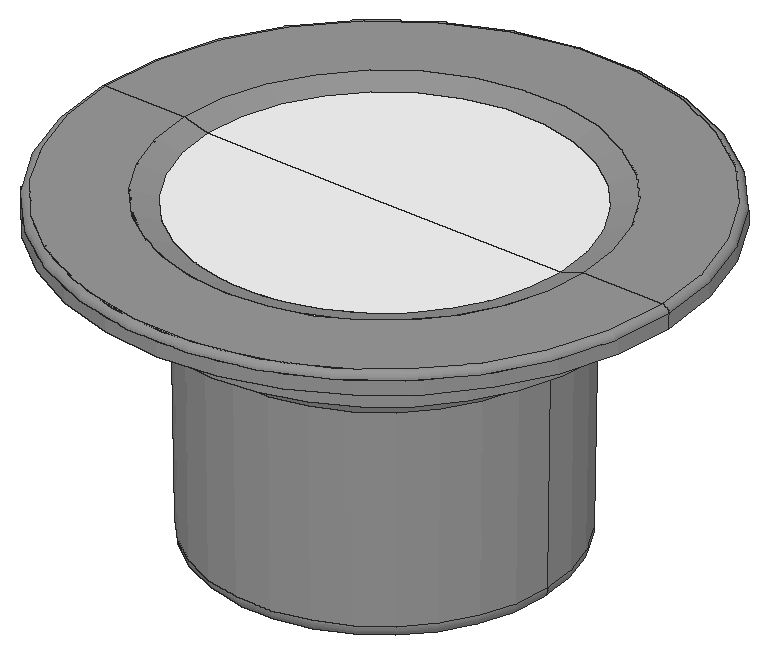
Revit family "0005377", category Lighting Fixtures, host Face, Revit 2016
Family settings
  Host = Face
  Part Type = Normal
  Round Connector Dimension = Use Diameter
  OmniClass Number = 23.80.70.00
  OmniClass Title = Lighting
  Cut with Voids When Loaded = No
  Light Source = Yes
  Shared = No
  Room Calculation Point = No
Parameters (values of type "0005377 START eco Spot 480lm 840 IP44 DIM WHT")
  Weight = "kg"
  Wattage Comments = ""
  Wattage = 5.5 W
  WarrantyStartDate [instance] = "n/a"
  WarrantyGuarantorParts = "n/a"
  WarrantyDurationUnit = "n/a"
  WarrantyDurationParts = "n/a"
  WarrantyDescription = "n/a"
  built-in parameter 1150110 = 1 (stored number, unit not read)
  Voltage = 230 V
  URL = "http://www.sylvania-lighting.com"
  TypeName = "Start eco Spot 480lm 840 IP44 DIM WHT"
  Type Image = <None>
  Type Comments = "n/a"
  built-in parameter 1114217 = 1 (stored number, unit not read)
  Tilt Angle = -90.00°
  built-in parameter 1150109 = 1 (stored number, unit not read)
  built-in parameter 1150134 = 12
  built-in parameter 1150113 = 1 (stored number, unit not read)
  SerialNumber [instance] = "n/a"
  Photometric Web File = "0005377.ies"
  Material_3_SYL = none
  PowerFactor = 0
  PowerConsumption = "5.5 W"
  NominalLength = 87 mm
  NominalHeight = 47 mm
  NominalDepth = 87 mm
  Name = "Start eco Spot 480lm 840 IP44 DIM WHT"
  ModelReference = Name  # "Start eco Spot 480lm 840 IP44 DIM WHT"
  ModelNumber = "0005377"
  Model = Name  # "Start eco Spot 480lm 840 IP44 DIM WHT"
  Material = "n/a"
  ManufacturerName = "Feilo Sylvania"
  Manufacturer = "Feilo Sylvania"
  LuminousEfficacy = "87.27 lm/W"
  built-in parameter 1150105 = 792.48 (stored number, unit not read)
  Lumens = 480 lm
  LuminaireType = ""
  built-in parameter 1150115 = 1 (stored number, unit not read)
  LightOutputRatio = "n/a"
  built-in parameter 1150137 = (empty or 0)
  built-in parameter 1150139 = (empty or 0)
  LampsType = Lamp  # "LED"
  LampNominalLuminous = "n/a"
  LampMacAdamStep = "n/a"
  LampColourTemperature = "4000 K"
  LampColourRenderingIndex = "n/a"
  built-in parameter 1150112 = 1 (stored number, unit not read)
  built-in parameter 1150114 = 1 (stored number, unit not read)
  Lamp = "LED"
  Keynote = "16500"
  InstallationDate [instance] = "n/a"
  InputVoltage = "220-240 V~"
  InputNominalFrequency = "50/60/Hz"
  built-in parameter 1150132 = (empty or 0)
  built-in parameter 1150102 = (empty or 0)
  built-in parameter 1150107 = 4000 (stored number, unit not read)
  built-in parameter 1150138 = (empty or 0)
  IngressProtection = "IP20/IP44"
  ImpactProtectionIndex = "IK03"
  built-in parameter 1150106 = 7.9248 (stored number, unit not read)
  IfcExportType = "IfcLightFixtureType"
  IfcExportAs = "IfcLightFixtureType"
  Emit from Circle Diameter = 54 mm
  Emit Shape Visible in Rendering = no
  ElectricShockClassification = "Class II"
  built-in parameter 1150104 = 8.1079 (stored number, unit not read)
  DocumentationLiterature = "http://www.sylvania-lighting.com/product/en-int/products/0005377"
  DimmingControlOptions = "Dimmable"
  Material_2_SYL = Diffuser-Sylvania
  Dimming Lamp Color Temperature Shift = <None>
  Description = ""
  Default Elevation = 1219.2 mm
  CreatedOn = "3/7/2019"
  CreatedBy = "@sylvania-lighting.com"
  Cost = 0
  Color Filter = 16777215
  built-in parameter 1114216 [instance] = (empty or 0)
  ClassificationValue = "EF_70_80"
  ClassificationName = "Uniclass2015"
  Material_1_SYL = Plastic, Opaque White
  BarCode [instance] = "n/a"
  built-in parameter 1114218 = 1 (stored number, unit not read)
  built-in parameter 1150133 = 10 (stored number, unit not read)
  AssetType = "Fixed"
  AssetIdentifier [instance] = "n/a"
  Assembly Code = "D5020200"
  Apparent Load = 5.5 VA
  Material_4_SYL = none
Reference planes
  plane 1 "Center (Front/Back)": y = 0
  plane 2: z = 0
  plane 3 "Center (Left/Right)": x = 0
  plane 4: x = -35
  plane 5: z = -100
  plane 6: z = 3
  plane 7: x = -43.5
  plane 8: z = 2
  plane 9: x = -42.5
  plane 10: x = -30.5
  plane 11: x = -27
  plane 12: x = -33
  plane 13: z = -7.5
  plane 14: z = -9.5
  plane 15: x = -25.5
  plane 16: z = -12.5
  plane 17: z = -44
  plane 18: x = -25
Forms (mm)
  Revolve 1, void
    sketch origin (0, 0, 0) x (1, 0, 0) y (0, 0, 1)
      loop
        line (0, 0) -> (-35, 0) -> (-35, -100) -> (0, -100) -> (0, 0)
      axis (0, 0) -> (0, -100)
    angle from 360 to 0
  Revolve 2, solid, material "Plastic, Opaque White" <- "Material_1_SYL"
    sketch origin (0, 0, 0) x (1, 0, 0) y (0, 0, 1)
      loop
        line (0, 2) -> (-27, 2) -> (-30.5, 3) -> (-42.5, 3)
        arc (-42.5, 3) -> (-43.207, 2.707) -> (-43.5, 2) r 1
        line (-43.5, 2) -> (-43.5, 0) -> (-33, 0) -> (-33, -7.5) -> (-27, -7.5) -> (-27, -9.5) -> (-25.5, -12.5) -> (-25.031, -42.032)
        arc (-25.031, -42.032) -> (-24.434, -43.425) -> (-23.031, -44) r 2
        line (-23.031, -44) -> (0, -44) -> (0, 2)
      axis (0, 3) -> (0, -44)
    angle from 360 to 0
Lines and regions (mm)
  reference lines
    curve 1: line (-25, 0, -44) -> (-25.5, 0, -12.5)
Dimensions and locks
  locked: plane 3 "Center (Left/Right)" to plane 4 at 35
  locked: plane 2 to plane 5 at 100
  locked: plane 6 to plane 2 at 3
  locked: plane 3 "Center (Left/Right)" to plane 7 at 43.5
  locked: plane 6 to plane 8 at 1
  locked: plane 9 to plane 7 at 1
  locked: plane 3 "Center (Left/Right)" to plane 10 at 30.5
  locked: plane 3 "Center (Left/Right)" to plane 11 at 27
  locked: plane 3 "Center (Left/Right)" to plane 12 at 33
  locked: plane 2 to plane 13 at 7.5
  locked: plane 13 to plane 14 at 2
  locked: plane 3 "Center (Left/Right)" to plane 15 at 25.5
  locked: plane 14 to plane 16 at 3
  locked: plane 6 to plane 17 at 47
  locked: plane 3 "Center (Left/Right)" to plane 18 at 25
  aligned and locked: plane 2 to host face
  aligned and locked: level to host face
  aligned and locked: Revolve 1 sketch curve to plane 3 "Center (Left/Right)"
  aligned and locked: level to Revolve 1 sketch curve
  aligned and locked: plane 3 "Center (Left/Right)" to Revolve 1 sketch curve
  aligned and locked: Revolve 1 sketch curve to plane 4
  aligned and locked: plane 5 to Revolve 1 sketch curve
  aligned and locked: plane 3 "Center (Left/Right)" to Revolve 2 sketch curve  (x2)
  aligned and locked: Revolve 2 sketch curve to plane 8
  aligned and locked: plane 6 to Revolve 2 sketch curve
  aligned and locked: Revolve 2 sketch curve to plane 6
  aligned and locked: level to Revolve 2 sketch curve
  aligned and locked: Revolve 2 sketch curve to plane 7
  aligned and locked: plane 12 to Revolve 2 sketch curve
  aligned and locked: Revolve 2 sketch curve to level
  aligned and locked: Revolve 2 sketch curve to plane 12
  aligned and locked: plane 13 to Revolve 2 sketch curve
  aligned and locked: plane 9 to Revolve 2 sketch curve
  aligned and locked: plane 8 to Revolve 2 sketch curve
  aligned and locked: plane 14 to Revolve 2 sketch curve
  aligned and locked: Revolve 2 sketch curve to plane 11
  aligned and locked: plane 15 to Revolve 2 sketch curve
  aligned and locked: plane 17 to Revolve 2 sketch curve
  aligned and locked: plane 18 to curve 1
  aligned and locked: plane 17 to curve 1
  aligned and locked: plane 16 to curve 1
  aligned and locked: plane 15 to curve 1
  aligned and locked: Revolve 2 sketch curve to curve 1
  aligned and locked: plane 3 "Center (Left/Right)" to imposter light
  aligned and locked: imposter light to plane 8
  aligned and locked: imposter light to plane 1 "Center (Front/Back)"
Connectors
  electrical at (0, 0, 0), driven by "Apparent Load", driven by "PowerFactor", driven by "Voltage"
    settings: index 1, voltage 230 V, apparent load 5.5 VA, apparent load phase1 0 VA, apparent load phase2 0 VA, apparent load phase3 0 VA, power factor 0, load classification "Lighting", number of poles 1, system type 30, power factor state 1, is connector primary yes, connector utility no, sub classification motor no, connector description ""
